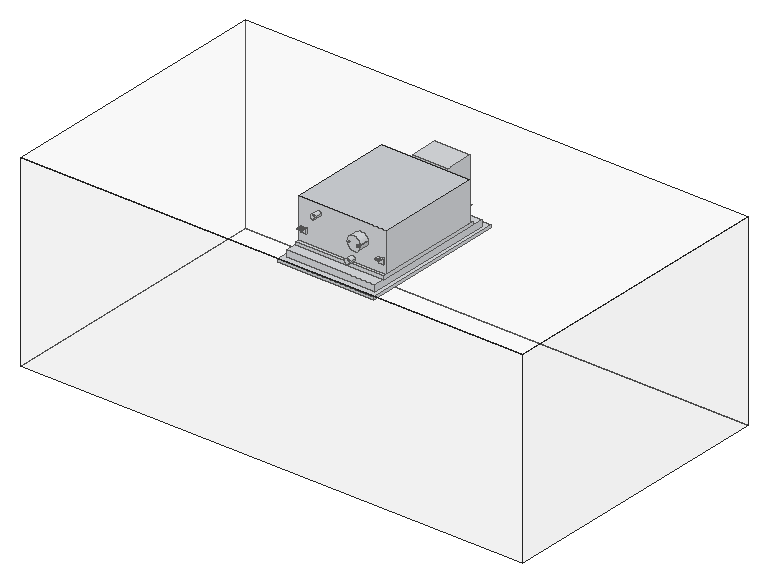
Revit family "plfy-p22_140lmg7_60Hz_pac-kg11of", category 機械設備, Revit 2019
Family settings
  丸型コネクタ寸法 = 直径を使用
  パーツ タイプ = 標準
  OmniClass 番号 = 23.75.10.24.21.27.27
  OmniClass タイトル = Split System Air Conditioning Units
  作業面ベース = いいえ
  常に垂直 = はい
  ロード時にボイドで切り取り = いいえ
  共有 = いいえ
  部屋計算ポイント = はい
Parameters (values of type "PLFY-P22LMG7")
  風量（弱）（m3／min） = 6.5
  風量（中2）（m3／min） = 7.5
  風量（中1）（m3／min） = 8.5
  風量（m3／min） = 9.5
  風量 = MAX風量  # 570.0 m³/h
  音響パワーレベル（弱）(dB) = 49
  音響パワーレベル（中2）(dB) = 51
  音響パワーレベル（中1）(dB) = 52
  音響パワーレベル(dB) = 53
  電源種別 = ""
  電源_H = 0 mm
  電圧_電気ヒーター = 0 V
  電圧 = 200 V
  電動機出力_送風機 = 0.05 kW
  運転質量 = 0.00 kg
  連動 = ""
  質量 = if(製品質量 > 運転質量, 製品質量, 運転質量) * 1.2  # 24.00 kg
  負荷分類 = 3_ファン類
  説明 = "ビル用マルチエアコン 天井カセット形(2方向吹出)室内機"
  設計暖房能力 = 0.00 kW
  設計冷房能力_顕熱 = 0 kW
  設計冷房能力 = 0 kW
  設置方法 = "カセット形"
  記号 = ""
  製造元 = "三菱電機株式会社"
  製品質量 = 20.00 kg
  製品出荷対象 = "国内"
  製品リリース年月 = "2020/7/22"
  製品グループ = ""
  系統 = ""
  符号 = "ACP_CK2"
  積算_科目 = "1 空気調和設備"
  積算_拾い区分 [instance] = ""
  相_電気ヒーター = 1
  相 = 1
  盤記号 = ""
  発停方法 = "付属スイッチ"
  特殊仕様 = ""
  火災停止 = ""
  消費電力_電気ヒーター = 0.00 kW
  消費電力_暖房 = 0.03 kW
  消費電力_加湿器 = 0.00 kW
  消費電力_冷房 = 0.03 kW
  消費電力 = if(消費電力_冷房 > 消費電力_暖房, 消費電力_冷房, 消費電力_暖房) + 消費電力_加湿器 + 消費電力_電気ヒーター  # 0.03 kW
  法定耐用年数 = "15"
  機外静圧 = 0.0 Pa
  極数 = 3
  材質 = ""
  本体マテリアル = none
  有効加湿量 = 0
  暖房能力 = 2.50 kW
  推奨ブレーカー容量 = 15 A
  形式_加湿器 = ""
  形式 = "カセット形（2方向吹出形）"
  幹線記号 = ""
  始動方式 = ""
  外気量 = 0.0 m³/h
  呼称 = "室内機_カセット形(2方向吹出形)"
  周波数 = 60 Hz
  吊り位置Y = 824 mm
  吊り位置X = 574 mm
  吊りボルト_H = 167 mm
  台数_手元リモコン = ""
  台数_冷媒分岐ユニット = ""
  参照している仕様書等のバージョン = "公共建築工事標準仕様書（機械設備工事編）平成31年度版"
  加湿給水管径 = 0 mm
  分類コード = "50053003221020"
  分類グループ = ""
  冷房能力 = 2.2 kW
  冷媒高低圧ガス管径 = 0 mm
  冷媒管径符号 = "Ac"
  冷媒管径 = 100 mm
  冷媒液管高さ = 235 mm
  冷媒液管長さ = 67 mm
  冷媒液管径 = 6.35 mm
  冷媒ガス管高さ = 235 mm
  冷媒ガス管長さ = 78 mm
  冷媒ガス管径 = 12.7 mm
  企業コード = ""
  付属品_フィルター = ""
  付属品 = ""
  仕様書バージョン = "Version1.0"
  モデル = "PLFY-P22LMG7"
  パネルマテリアル = none
  ドレン管高さ = 297 mm
  ドレン管径 = 32 mm
  ダクト径 = 150 mm
  サービススペース = yes
  コメント [instance] = ""
  ケーブル種類 = ""
  ケーブルサイズ = 1.6 mm
  Width = 650 mm
  Version = ""
  Uniclass2015Version = "Systems v1.9"
  Uniclass2015Title = "Split coil remote air cooled condensing units"
  Uniclass2015Code = "Pr_70_65_03_84"
  URL = "https://www.mitsubishielectric.co.jp/ldg/wink/ssl/displayProduct.do?pid=307542"
  SpecificationReference = ""
  SpecificationDescription = ""
  S_H = 364 mm
  Revision = ""
  ProductInformation = ""
  OmniClassCode = "23-751024212727"
  MIN風量 = 風量（弱）（m3／min） * 60.0 m³/h  # 390.0 m³/h
  MID風量2 = 風量（中2）（m3／min） * 60.0 m³/h  # 450.0 m³/h
  MID風量 = 風量（中1）（m3／min） * 60.0 m³/h  # 510.0 m³/h
  MAX風量 = 風量（m3／min） * 60.0 m³/h  # 570.0 m³/h
  IfcTypeProduct = ""
  IfcProduct = ""
  IfcExportType = "AIRCONDITIONINGUNIT"
  IfcExportAs = "IfcUnitaryEquipmentType"
  Height = 290 mm
  Depth = 770 mm
  Clearance Top = 357 mm
  Clearance Right = 1500 mm
  Clearance Left = 1500 mm
  Clearance Front = 500 mm
  Clearance Bottom = 1000 mm
  Clearance Back = 500 mm
  Author = "三菱電機株式会社"
Types (11, lengths in mm): name | 風量（弱）（m3／min） | 風量（中2）（m3／min） | 風量（中1）（m3／min） | 風量（m3／min） | 風量 | 音響パワーレベル（弱）(dB) | 音響パワーレベル（中2）(dB) | 音響パワーレベル（中1）(dB) | 音響パワーレベル(dB) | 電動機出力_送風機 | 質量 | 製品質量 | 消費電力_暖房 | 消費電力_冷房 | 消費電力 | 暖房能力 | 吊り位置Y | 冷房能力 | 冷媒管径符号 | 冷媒液管長さ | 冷媒液管径 | 冷媒ガス管長さ | 冷媒ガス管径 | モデル | ダクト径 | URL | S_H | MIN風量 | MID風量2 | MID風量 | MAX風量 | Height | Depth | Clearance Top
  (no name) | 6.5 | 7.5 | 8.5 | 9.5 | 570.0 m³/h | 49 | 51 | 52 | 53 | 0.05 kW | 24.00 kg | 20.00 kg | 0.03 kW | 0.03 kW | 0.03 kW | 2.50 kW | 824 | 2.2 kW | "Ac" | 67 | 6.35 | 78 | 12.7 | "PLFY-P22LMG7" | 150 | "https://www.mitsubishielectric.co.jp/ldg/wink/ssl/displayProduct.do?pid=307542" | 364 | 390.0 m³/h | 450.0 m³/h | 510.0 m³/h | 570.0 m³/h | 290 | 770 | 357
  PLFY-P22LMG7 | 6.5 | 7.5 | 8.5 | 9.5 | 570.0 m³/h | 49 | 51 | 52 | 53 | 0.05 kW | 24.00 kg | 20.00 kg | 0.03 kW | 0.03 kW | 0.03 kW | 2.50 kW | 824 | 2.2 kW | "Ac" | 67 | 6.35 | 78 | 12.7 | "PLFY-P22LMG7" | 150 | "https://www.mitsubishielectric.co.jp/ldg/wink/ssl/displayProduct.do?pid=307542" | 364 | 390.0 m³/h | 450.0 m³/h | 510.0 m³/h | 570.0 m³/h | 290 | 770 | 357
  PLFY-P28LMG7 | 6.5 | 7.5 | 8.5 | 9.5 | 570.0 m³/h | 49 | 51 | 52 | 53 | 0.05 kW | 24.00 kg | 20.00 kg | 0.03 kW | 0.03 kW | 0.03 kW | 3.20 kW | 824 | 2.8 kW | "Ac" | 67 | 6.4 | 78 | 12.7 | "PLFY-P28LMG7" | 172 | "https://www.mitsubishielectric.co.jp/ldg/wink/ssl/displayProduct.do?pid=307511" | 364 | 390.0 m³/h | 450.0 m³/h | 510.0 m³/h | 570.0 m³/h | 290 | 770 | 357
  PLFY-P36LMG7 | 6.5 | 8 | 9 | 10 | 600.0 m³/h | 50 | 51 | 52 | 53 | 0.05 kW | 25.20 kg | 21.00 kg | 0.03 kW | 0.03 kW | 0.03 kW | 4.00 kW | 824 | 3.6 kW | "Ac" | 67 | 6.4 | 78 | 12.7 | "PLFY-P36LMG7" | 172 | "https://www.mitsubishielectric.co.jp/ldg/wink/ssl/displayProduct.do?pid=307543" | 364 | 390.0 m³/h | 480.0 m³/h | 540.0 m³/h | 600.0 m³/h | 290 | 770 | 357
  PLFY-P45LMG7 | 7 | 8.5 | 9.5 | 10.5 | 630.0 m³/h | 51 | 54 | 55 | 56 | 0.05 kW | 25.20 kg | 21.00 kg | 0.04 kW | 0.04 kW | 0.04 kW | 5.00 kW | 824 | 4.5 kW | "Ac" | 67 | 6.4 | 78 | 12.7 | "PLFY-P45LMG7" | 172 | "https://www.mitsubishielectric.co.jp/ldg/wink/ssl/displayProduct.do?pid=307544" | 364 | 420.0 m³/h | 510.0 m³/h | 570.0 m³/h | 630.0 m³/h | 290 | 770 | 357
  PLFY-P56LMG7 | 9 | 11 | 12 | 13 | 780.0 m³/h | 53 | 55 | 56 | 57 | 0.05 kW | 28.80 kg | 24.00 kg | 0.05 kW | 0.05 kW | 0.05 kW | 6.30 kW | 994 | 5.6 kW | "Ac" | 67 | 6.4 | 78 | 12.7 | "PLFY-P56LMG7" | 172 | "https://www.mitsubishielectric.co.jp/ldg/wink/ssl/displayProduct.do?pid=307512" | 364 | 540.0 m³/h | 660.0 m³/h | 720.0 m³/h | 780.0 m³/h | 290 | 940 | 357
  PLFY-P71LMG7 | 10.5 | 12.5 | 15 | 16.5 | 990.0 m³/h | 55 | 58 | 59 | 60 | 0.05 kW | 31.20 kg | 26.00 kg | 0.07 kW | 0.07 kW | 0.07 kW | 8.00 kW | 994 | 7.1 kW | "Bd" | 67 | 9.5 | 78 | 15.9 | "PLFY-P71LMG7" | 172 | "https://www.mitsubishielectric.co.jp/ldg/wink/ssl/displayProduct.do?pid=307545" | 364 | 630.0 m³/h | 750.0 m³/h | 900.0 m³/h | 990.0 m³/h | 290 | 940 | 357
  PLFY-P80LMG7 | 13.5 | 15 | 16.5 | 19 | 1140.0 m³/h | 56 | 58 | 59 | 60 | 0.10 kW | 49.20 kg | 41.00 kg | 0.06 kW | 0.06 kW | 0.06 kW | 9.00 kW | 1494 | 8 kW | "Bd" | 71 | 9.5 | 83 | 15.9 | "PLFY-P80LMG7" | 172 | "https://www.mitsubishielectric.co.jp/ldg/wink/ssl/displayProduct.do?pid=307546" | 405 | 810.0 m³/h | 900.0 m³/h | 990.0 m³/h | 1140.0 m³/h | 331 | 1440 | 398
  PLFY-P90LMG7 | 15.5 | 18 | 20 | 22.5 | 1350.0 m³/h | 57 | 59 | 60 | 61 | 0.10 kW | 49.20 kg | 41.00 kg | 0.08 kW | 0.08 kW | 0.08 kW | 10.00 kW | 1494 | 9 kW | "Bd" | 71 | 9.5 | 83 | 15.9 | "PLFY-P90LMG7" | 172 | "https://www.mitsubishielectric.co.jp/ldg/wink/ssl/displayProduct.do?pid=307513" | 405 | 930.0 m³/h | 1080.0 m³/h | 1200.0 m³/h | 1350.0 m³/h | 331 | 1440 | 398
  PLFY-P112LMG7 | 18 | 20 | 23.5 | 26 | 1560.0 m³/h | 59 | 61 | 62 | 63 | 0.10 kW | 54.00 kg | 45.00 kg | 0.10 kW | 0.10 kW | 0.10 kW | 12.50 kW | 1494 | 11.2 kW | "Bd" | 71 | 9.5 | 83 | 15.9 | "PLFY-P112LMG7" | 172 | "https://www.mitsubishielectric.co.jp/ldg/wink/ssl/displayProduct.do?pid=307547" | 405 | 1080.0 m³/h | 1200.0 m³/h | 1410.0 m³/h | 1560.0 m³/h | 331 | 1440 | 398
  PLFY-P140LMG7 | 23 | 26.5 | 28.5 | 31.5 | 1890.0 m³/h | 63 | 64 | 67 | 69 | 0.24 kW | 56.40 kg | 47.00 kg | 0.20 kW | 0.20 kW | 0.20 kW | 16.00 kW | 1494 | 14 kW | "Bd" | 71 | 9.5 | 83 | 15.9 | "PLFY-P140LMG7" | 172 | "https://www.mitsubishielectric.co.jp/ldg/wink/ssl/displayProduct.do?pid=307548" | 405 | 1380.0 m³/h | 1590.0 m³/h | 1710.0 m³/h | 1890.0 m³/h | 331 | 1440 | 398
Reference planes
  plane 1 "中心(正面/背面)": y = 0
  plane 2: z = 0
  plane 3 "中心(左/右)": x = 0
  plane 4: x = -355
  plane 5: x = 355
  plane 6: y = 540
  plane 7: y = -540
  plane 8: z = 357
  plane 9: z = 364
  plane 10: x = -287
  plane 11: x = 287
  plane 12: y = 412
  plane 13: y = -412
  plane 14: z = 67
  plane 15: y = 385
  plane 16: y = -385
  plane 17: x = -325
  plane 18: x = 325
  plane 19: x = -1855
  plane 20: x = 1855
  plane 21: y = 1040
  plane 22: y = -1040
  plane 23: z = 357
  plane 24: z = -20
  plane 25: z = -1020
  plane 26 "外気取入ダクトフランジ": z = 138
Dimensions and locks
  equal spacing: plane 4, plane 3 "中心(左/右)", plane 5
  plane 4 to plane 5 = 710 mm
  equal spacing: plane 7, plane 1 "中心(正面/背面)", plane 6
  plane 7 to plane 6 = 1080 mm
  locked: plane 12 to plane 6 at 128
  plane 7 to plane 13 = 128 mm
  plane 4 to plane 10 = 68 mm
  plane 11 to plane 5 = 68 mm
  "S_H": plane 9 to level
  "吊り位置X": plane 10 to plane 11
  equal spacing: plane 10, plane 3 "中心(左/右)", plane 11
  equal spacing: plane 13, plane 1 "中心(正面/背面)", plane 12
  "吊り位置Y": plane 13 to plane 12
  equal spacing: plane 16, plane 1 "中心(正面/背面)", plane 15
  "Depth": plane 16 to plane 15
  equal spacing: plane 17, plane 3 "中心(左/右)", plane 18
  "Width": plane 17 to plane 18
  locked: plane 14 to level at 67
  "Height": plane 8 to plane 14
  "Clearance Left": plane 19 to plane 4
  "Clearance Right": plane 5 to plane 20
  "Clearance Back": plane 6 to plane 21
  "Clearance Front": plane 22 to plane 7
  locked: level to plane 24 at 20
  "Clearance Bottom": plane 24 to plane 25
  "Clearance Top": plane 23 to level
  plane 26 "外気取入ダクトフランジ" to level = 138 mm
  aligned and locked: level to plane 2
  aligned and locked: plane 10 to nested 2
  aligned and locked: plane 11 to nested 2
  aligned and locked: nested 2 to plane 12
  aligned and locked: plane 13 to nested 2
  aligned and locked: plane 1 "中心(正面/背面)" to nested 3
  aligned and locked: nested 3 to plane 3 "中心(左/右)"
  aligned and locked: plane 19 to nested 1
  aligned and locked: plane 20 to nested 1
  aligned and locked: nested 1 to plane 22
  aligned and locked: nested 1 to plane 21
  aligned and locked: plane 23 to nested 1
  aligned and locked: plane 25 to nested 1
  aligned and locked: plane 15 to nested 4
Nested families
  nested 1: "サービススペース" at (0, 0, -331.5), visible <- "サービススペース", type "サービススペース"
    with Width 3710 mm, Height 1377 mm, Depth 2080 mm
  nested 2: "固定点" at (-287, -412, 0), type "固定点"
    with W 574 mm, D 824 mm
  nested 3: "PLFY-P○○○LMG7" at (0, 0, 0) x (0, -1, 0) z (0, 0, 1), type "PLFY-P○○○LMG7"
    with ユニット表示 yes, ドレン配管サイズ 32 mm
  nested 4: "外気取入ダクトフランジ" at (0, 423, 241), type "外気取入ダクトフランジ"
Connectors
  piping at (138, -452, 235), diameter 100, driven by "冷媒管径", driven by "冷媒管径符号"
    settings: on nested 3, index 1, connector inside diameter 609.6 mm, connector length 0 mm, flow factor 0, pipe flow 0.0 L/s, pressure drop 0.0 Pa, fitting loss kfactor 0, connector angle 0.00°, fixture units 0, engagement length 0 mm, angle of deflection 0.00°, flow configuration 0, flow direction 1, fitting loss method 4, system type 7, joint type 0, gender type 0, connector reference index -1, connector utility 0, adjustable connector no, is connector primary yes, connector description "Ac"
  piping at (-175, -442, 297), diameter 32, driven by "ドレン管径"
    settings: on nested 3, index 2, connector inside diameter 609.6 mm, connector length 0 mm, flow factor 0, pipe flow 0.0 L/s, pressure drop 0.0 Pa, fitting loss kfactor 0, connector angle 0.00°, fixture units 0, engagement length 0 mm, angle of deflection 0.00°, flow configuration 0, flow direction 2, fitting loss method 4, system type 16, joint type 0, gender type 0, connector reference index -1, connector utility 0, adjustable connector no, is connector primary no, connector description ""
  electrical at (75, -435, 85), driven by "極数", driven by "負荷分類", driven by "電圧", driven by "消費電力"
    settings: on nested 3, index 3, voltage 200 V, apparent load 30 VA, apparent load phase1 0 VA, apparent load phase2 0 VA, apparent load phase3 0 VA, power factor 1, load classification "3_ファン類", number of poles 3, system type 30, power factor state 1, is connector primary yes, connector utility no, sub classification motor no, connector description ""
  hvac at (0, 526, 344), driven by "ダクト径", driven by "外気量"
    settings: on nested 4, index 4, duct flow 0.0 m³/h, flow factor 0, pres drop 0.0 Pa, loss coef 0, conn angle 0.00°, conn width 304.8 mm, conn height 304.8 mm, conn diameter 150 mm, duct sys type 1, conn prof type 0, flow config 0, flow direction 0, loss method 0, conn ref index -1, conn util no, is conn primary yes, conn desc ""
  hvac at (128, 526, 241), driven by "ダクト径", driven by "外気量"
    settings: on nested 4, index 5, duct flow 0.0 m³/h, flow factor 0, pres drop 0.0 Pa, loss coef 0, conn angle 0.00°, conn width 304.8 mm, conn height 304.8 mm, conn diameter 150 mm, duct sys type 1, conn prof type 0, flow config 0, flow direction 0, loss method 0, conn ref index -1, conn util no, is conn primary no, conn desc ""
  hvac at (0, 629, 241), driven by "ダクト径", driven by "外気量"
    settings: on nested 4, index 6, duct flow 0.0 m³/h, flow factor 0, pres drop 0.0 Pa, loss coef 0, conn angle 0.00°, conn width 304.8 mm, conn height 304.8 mm, conn diameter 150 mm, duct sys type 1, conn prof type 0, flow config 0, flow direction 0, loss method 0, conn ref index -1, conn util no, is conn primary no, conn desc ""
  hvac at (-128, 526, 241), driven by "ダクト径", driven by "外気量"
    settings: on nested 4, index 7, duct flow 0.0 m³/h, flow factor 0, pres drop 0.0 Pa, loss coef 0, conn angle 0.00°, conn width 304.8 mm, conn height 304.8 mm, conn diameter 150 mm, duct sys type 1, conn prof type 0, flow config 0, flow direction 0, loss method 0, conn ref index -1, conn util no, is conn primary no, conn desc ""
Definition of nested family "サービススペース"
  Parameters (values of type "サービススペース")
    Width [instance] = 500 mm
    Height [instance] = 500 mm
    Depth [instance] = 500 mm
  Reference planes
    plane 1 "中心(正面/背面)": y = 0
    plane 2: z = 0
    plane 3 "中心(左/右)": x = 0
    plane 4: y = -250
    plane 5: x = 250
    plane 6: y = 250
    plane 7: x = -250
    plane 8: z = 250
    plane 9: z = -250
  Forms (mm)
    Extrusion 1, solid
      sketch origin (-638.939, 0, 72.39) x (1, 0, 0) y (0, 1, 0)
        loop
          line (388.939, 250) -> (388.939, -250) -> (888.939, -250) -> (888.939, 250) -> (388.939, 250)
      from -322.39 to 177.61
  Lines and regions (mm)
    symbolic lines
      curve 1: line (-250, 0, 250) -> (250, 0, 250)
      curve 2: line (-250, 0, -250) -> (-250, 0, 250)
      curve 3: line (250, 0, -250) -> (-250, 0, -250)
      curve 4: line (250, 0, 250) -> (250, 0, -250)
      curve 5: line (0, -250, 250) -> (0, 250, 250)
      curve 6: line (0, -250, -250) -> (0, -250, 250)
      curve 7: line (0, 250, -250) -> (0, -250, -250)
      curve 8: line (0, 250, 250) -> (0, 250, -250)
      curve 9: line (-250, 250, 0) -> (250, 250, 0)
      curve 10: line (-250, -250, 0) -> (-250, 250, 0)
      curve 11: line (250, -250, 0) -> (-250, -250, 0)
      curve 12: line (250, 250, 0) -> (250, -250, 0)
  Dimensions and locks
    equal spacing: plane 7, plane 3 "中心(左/右)", plane 5
    equal spacing: plane 4, plane 1 "中心(正面/背面)", plane 6
    "Depth": plane 4 to plane 6
    "Width": plane 7 to plane 5
    equal spacing: plane 8, plane 2, plane 9
    "Height": plane 8 to plane 9
    aligned and locked: plane 9 to curve 3
    aligned and locked: plane 7 to curve 2
    aligned and locked: curve 4 to plane 5
    aligned and locked: plane 5 to Extrusion 1
    aligned and locked: Extrusion 1 to plane 7
    aligned and locked: Extrusion 1 to plane 9
    aligned and locked: plane 8 to Extrusion 1
    aligned and locked: plane 9 to curve 7
  Automatic sketch dimensions
    plane 4 to Extrusion 1 sketch curve = 0 mm
    Extrusion 1 sketch curve to plane 7 = 0 mm
    Extrusion 1 sketch curve to plane 5 = 0 mm
    plane 6 to Extrusion 1 sketch curve = 0 mm
    curve 2 to plane 8 = 0 mm
    plane 4 to curve 11 = 0 mm
    curve 11 to plane 7 = 0 mm
    curve 11 to plane 5 = 0 mm
    plane 6 to curve 10 = 0 mm
    curve 7 to plane 4 = 0 mm
    curve 7 to plane 6 = 0 mm
    curve 6 to plane 8 = 0 mm
Definition of nested family "PLFY-P○○○LMG7"
  Parameters (values of type "PLFY-P○○○LMG7")
    配線取出口サイズ = 36 mm
    配線取出口-Z = 85 mm
    配線取出口-Y = 250 mm
    配線取出口-X = 50 mm
    液配管サイズ = 6.35 mm
    A = 幅さ + 310 mm  # 1080 mm
    高さ = 290 mm
    奥行き = 650 mm
    吊りボルト_H = 167 mm
    冷媒配管 = 100 mm
    冷媒液管径-Z = 235 mm
    冷媒液管径-Y = 222 mm
    冷媒液管径-X = 67 mm
    冷媒ガス管径-Z = 235 mm
    冷媒ガス管径-Y = 152 mm
    冷媒ガス管径-X = 78 mm
    ユニット表示 [instance] = yes
    ボルトピッチ = 574 mm
    ドレン配管サイズ = 25 mm
    ドレン管径-Z = 297 mm
    ドレン管径-Y = 500 mm
    ドレン管径-X = 57 mm
    ガス配管サイズ = 12.7 mm
    D = 幅さ + 54 mm  # 824 mm
    幅さ = 770 mm
    B = 幅さ + 270 mm  # 1040 mm
  Reference planes
    plane 1 "中心(正面/背面)": y = 0
    plane 2: z = 0
    plane 3 "中心(左/右)": x = 0
    plane 4: x = -540
    plane 5: x = 540
    plane 6: y = 355
    plane 7: y = -355
    plane 8: z = 357
    plane 9: z = -20
    plane 10: x = -385
    plane 11: x = 385
    plane 12: y = 325
    plane 13: y = -325
    plane 14: z = 45
    plane 15: x = -520
    plane 16: x = 520
    plane 17: x = 412
    plane 18: x = -412
    plane 19: z = 67
    plane 20: x = 490
    plane 21: x = -490
    plane 22: y = 287
    plane 23: y = -287
    plane 24: x = 463
    plane 25: y = 173
    plane 26: z = 235
    plane 27: x = 452
    plane 28: y = 103
    plane 29: x = 442
    plane 30: y = -175
    plane 31: z = 297
    plane 32: z = 364
    plane 33: y = 50
    plane 34: x = 435
    plane 35: y = 75
    plane 36: z = 85
    plane 37: z = 167
    plane 38: z = 165
    plane 39: z = 125
    plane 40: y = 307
    plane 41: y = 267
    plane 42: y = -267
    plane 43: y = -307
    plane 44: y = 292
    plane 45: y = 282
    plane 46: y = -282
    plane 47: y = -292
    plane 48: x = -425
    plane 49: x = 425
    plane 50: x = -387
    plane 51: x = 387
  Forms (mm)
    Extrusion 1, solid, visible <- "ユニット表示", detail levels fine
      sketch origin (0, 0, 0) x (1, 0, 0) y (0, 1, 0)
        loop
          line (-385, 325) -> (-385, -325) -> (385, -325) -> (385, 325) -> (-385, 325)
      from 67 to 357
    Extrusion 2, solid, visible <- "ユニット表示", detail levels fine
      sketch origin (-1437.329, -1524, 45) x (-1, 0, 0) y (0, -1, 0)
        loop
          line (-1025.329, -1849) -> (-1025.329, -1199) -> (-1849.329, -1199) -> (-1849.329, -1849) -> (-1025.329, -1849)
      from 0 to 22
    Extrusion 3, solid, visible <- "ユニット表示", detail levels fine
      sketch origin (-1437.329, -1524, 45) x (-1, 0, 0) y (0, -1, 0)
        loop
          line (-947.329, -1849) -> (-947.329, -1199) -> (-1927.329, -1199) -> (-1927.329, -1849) -> (-947.329, -1849)
      from 0 to -45
    Extrusion 4, solid, visible <- "ユニット表示", detail levels fine
      sketch origin (385, 1296.25, 1200) x (0, 1, 0) y (0, 0, 1)
        loop
          circle (-1123.25, -965) r 6.35
      from 0 to 78
    Extrusion 5, solid, visible <- "ユニット表示", detail levels fine
      sketch origin (385, 1296.25, 1200) x (0, 1, 0) y (0, 0, 1)
        loop
          circle (-1193.25, -965) r 3.175
      from 0 to 67
    Extrusion 6, solid, visible <- "ユニット表示", detail levels fine
      sketch origin (385, 1296.25, 1200) x (0, 1, 0) y (0, 0, 1)
        loop
          circle (-1471.25, -903) r 12.5
      from 0 to 57
    Extrusion 7, solid, visible <- "ユニット表示", detail levels fine
      sketch origin (385, 1296.25, 1200) x (0, 1, 0) y (0, 0, 1)
        loop
          circle (-1221.25, -1115) r 18
      from 0 to 50
    Extrusion 8, solid, visible <- "ユニット表示", detail levels fine
      sketch origin (385, 1296.25, 1200) x (0, 1, 0) y (0, 0, 1)
        loop
          circle (-1158.25, -965) r 50
      from 0 to 67
    Extrusion 9, solid, visible <- "ユニット表示"
      sketch origin (0, 0, 0) x (1, 0, 0) y (0, 1, 0)
        loop
          line (-540, 355) -> (-540, -355) -> (540, -355) -> (540, 355) -> (-540, 355)
      from 0 to -20
    Extrusion 10, solid, visible <- "ユニット表示", detail levels fine
      sketch origin (0, 0, 0) x (1, 0, 0) y (0, 1, 0)
        loop
          line (-407, 292) -> (-407, 282)
          arc (-407, 282) -> (-412, 277) -> (-417, 282) r 5
          line (-417, 282) -> (-425, 282) -> (-425, 267) -> (-385, 267) -> (-385, 307) -> (-425, 307) -> (-425, 292) -> (-417, 292)
          arc (-417, 292) -> (-412, 297) -> (-407, 292) r 5
        loop
          arc (407, 292) -> (412, 297) -> (417, 292) r 5
          line (417, 292) -> (425, 292) -> (425, 307) -> (385, 307) -> (385, 267) -> (425, 267) -> (425, 282) -> (417, 282)
          arc (417, 282) -> (412, 277) -> (407, 282) r 5
          line (407, 282) -> (407, 292)
        loop
          line (407, -292) -> (407, -282)
          arc (407, -282) -> (412, -277) -> (417, -282) r 5
          line (417, -282) -> (425, -282) -> (425, -267) -> (385, -267) -> (385, -307) -> (425, -307) -> (425, -292) -> (417, -292)
          arc (417, -292) -> (412, -297) -> (407, -292) r 5
        loop
          arc (-407, -292) -> (-412, -297) -> (-417, -292) r 5
          line (-417, -292) -> (-425, -292) -> (-425, -307) -> (-385, -307) -> (-385, -267) -> (-425, -267) -> (-425, -282) -> (-417, -282)
          arc (-417, -282) -> (-412, -277) -> (-407, -282) r 5
          line (-407, -282) -> (-407, -292)
      from 165 to 167
    Extrusion 11, solid, visible <- "ユニット表示", detail levels fine
      sketch origin (0, 0, 0) x (1, 0, 0) y (0, 1, 0)
        loop
          line (-387, 307) -> (-387, 267) -> (-385, 267) -> (-385, 307) -> (-387, 307)
        loop
          line (385, 307) -> (385, 267) -> (387, 267) -> (387, 307) -> (385, 307)
        loop
          line (385, -267) -> (385, -307) -> (387, -307) -> (387, -267) -> (385, -267)
        loop
          line (-387, -267) -> (-387, -307) -> (-385, -307) -> (-385, -267) -> (-387, -267)
      from 125 to 165
  Dimensions and locks
    equal spacing: plane 7, plane 1 "中心(正面/背面)", plane 6
    plane 7 to plane 6 = 710 mm
    equal spacing: plane 4, plane 3 "中心(左/右)", plane 5
    "A": plane 4 to plane 5
    locked: level to plane 9 at 20
    equal spacing: plane 13, plane 1 "中心(正面/背面)", plane 12
    "奥行き": plane 13 to plane 12
    equal spacing: plane 10, plane 3 "中心(左/右)", plane 11
    "幅さ": plane 10 to plane 11
    locked: plane 14 to level at 45
    equal spacing: plane 15, plane 3 "中心(左/右)", plane 16
    "B": plane 15 to plane 16
    equal spacing: plane 18, plane 3 "中心(左/右)", plane 17
    "D": plane 18 to plane 17
    locked: plane 19 to plane 14 at 22
    locked: plane 15 to plane 21 at 30
    locked: plane 20 to plane 16 at 30
    equal spacing: plane 23, plane 1 "中心(正面/背面)", plane 22
    "ボルトピッチ": plane 23 to plane 22
    "冷媒ガス管径-X": plane 11 to plane 24
    "冷媒ガス管径-Y": plane 25 to plane 12
    "冷媒液管径-X": plane 11 to plane 27
    "冷媒液管径-Y": plane 28 to plane 12
    "ドレン管径-X": plane 11 to plane 29
    "ドレン管径-Y": plane 30 to plane 12
    plane 32 to plane 8 = 7 mm
    "配線取出口-X": plane 11 to plane 34
    "配線取出口-Y": plane 35 to plane 12
    "配線取出口-Z": plane 36 to level
    "ドレン管径-Z": plane 31 to level
    "冷媒ガス管径-Z": plane 26 to level
    locked: plane 38 to plane 39 at 40
    locked: plane 37 to plane 38 at 2
    "吊りボルト_H": plane 37 to level
    plane 43 to plane 23 to plane 42 = 20 mm locked, 20 mm locked
    plane 41 to plane 22 to plane 40 = 20 mm locked, 20 mm locked
    plane 47 to plane 23 to plane 46 = 5 mm locked, 5 mm locked
    plane 45 to plane 22 to plane 44 = 5 mm locked, 5 mm locked
    locked: plane 48 to plane 10 at 40
    locked: plane 11 to plane 49 at 40
    locked: plane 11 to plane 51 at 2
    locked: plane 50 to plane 10 at 2
    "高さ": plane 8 to plane 19
    "ガス配管サイズ": diameter of Extrusion 4 sketch curve
    "液配管サイズ": diameter of Extrusion 5 sketch curve
    "ドレン配管サイズ": diameter of Extrusion 6 sketch curve
    "配線取出口サイズ": diameter of Extrusion 7 sketch curve
    "冷媒配管": diameter of Extrusion 8 sketch curve
    aligned and locked: level to plane 2
    aligned and locked: plane 12 to Extrusion 1 sketch curve
    aligned and locked: plane 10 to Extrusion 1 sketch curve
    aligned and locked: Extrusion 1 sketch curve to plane 13
    aligned and locked: Extrusion 1 sketch curve to plane 11
    aligned and locked: plane 8 to Extrusion 1
    aligned and locked: plane 12 to Extrusion 2 sketch curve
    aligned and locked: plane 18 to Extrusion 2 sketch curve
    aligned and locked: Extrusion 2 sketch curve to plane 13
    aligned and locked: Extrusion 2 sketch curve to plane 17
    aligned and locked: plane 19 to Extrusion 2
    aligned and locked: Extrusion 1 to Extrusion 2
    aligned and locked: plane 12 to Extrusion 3 sketch curve
    aligned and locked: plane 21 to Extrusion 3 sketch curve
    aligned and locked: Extrusion 3 sketch curve to plane 13
    aligned and locked: Extrusion 3 sketch curve to plane 20
    aligned and locked: Extrusion 3 to level
    aligned and locked: plane 14 to Extrusion 3
    aligned and locked: plane 26 to Extrusion 4 sketch curve
    aligned and locked: plane 25 to Extrusion 4 sketch curve
    aligned and locked: Extrusion 4 to plane 11
    aligned and locked: plane 24 to Extrusion 4
    aligned and locked: plane 26 to Extrusion 5 sketch curve
    aligned and locked: plane 28 to Extrusion 5 sketch curve
    aligned and locked: plane 27 to Extrusion 5
    aligned and locked: Extrusion 5 to plane 11
    aligned and locked: plane 31 to Extrusion 6 sketch curve
    aligned and locked: plane 30 to Extrusion 6 sketch curve
    aligned and locked: Extrusion 6 to plane 11
    aligned and locked: plane 29 to Extrusion 6
    aligned and locked: plane 36 to Extrusion 7 sketch curve
    aligned and locked: plane 35 to Extrusion 7 sketch curve
    aligned and locked: Extrusion 7 to plane 11
    aligned and locked: plane 34 to Extrusion 7
    aligned and locked: plane 26 to Extrusion 8 sketch curve
    aligned and locked: Extrusion 8 to plane 11
    aligned and locked: plane 27 to Extrusion 8
    aligned and locked: level to Extrusion 9
    aligned and locked: Extrusion 9 to plane 9
    aligned and locked: Extrusion 10 sketch curve to plane 10
    aligned and locked: plane 37 to Extrusion 10
    aligned and locked: Extrusion 10 to plane 38
    aligned and locked: plane 40 to Extrusion 10 sketch curve
    aligned and locked: plane 48 to Extrusion 10 sketch curve  (x2)
    aligned and locked: Extrusion 10 sketch curve to plane 41
    aligned and locked: Extrusion 10 sketch curve to plane 45
    aligned and locked: Extrusion 10 sketch curve to plane 44
    aligned and locked: plane 44 to Extrusion 10 sketch curve  (x3)
    aligned and locked: plane 45 to Extrusion 10 sketch curve  (x3)
    aligned and locked: plane 18 to Extrusion 10 sketch curve  (x4)
    aligned and locked: plane 10 to Extrusion 10 sketch curve
    aligned and locked: Extrusion 10 sketch curve to plane 42
    aligned and locked: plane 43 to Extrusion 10 sketch curve
    aligned and locked: plane 47 to Extrusion 10 sketch curve  (x3)
    aligned and locked: plane 46 to Extrusion 10 sketch curve  (x3)
    aligned and locked: Extrusion 10 sketch curve to plane 46
    aligned and locked: Extrusion 10 sketch curve to plane 47
    aligned and locked: Extrusion 10 sketch curve to plane 48  (x2)
    aligned and locked: plane 11 to Extrusion 10 sketch curve
    aligned and locked: Extrusion 10 sketch curve to plane 49  (x2)
    aligned and locked: plane 17 to Extrusion 10 sketch curve  (x4)
    aligned and locked: Extrusion 10 sketch curve to plane 43
    aligned and locked: plane 42 to Extrusion 10 sketch curve
    aligned and locked: plane 49 to Extrusion 10 sketch curve  (x2)
    aligned and locked: plane 41 to Extrusion 10 sketch curve
    aligned and locked: Extrusion 10 sketch curve to plane 11
    aligned and locked: Extrusion 10 sketch curve to plane 40
    aligned and locked: plane 40 to Extrusion 11 sketch curve
    aligned and locked: plane 50 to Extrusion 11 sketch curve  (x2)
    aligned and locked: Extrusion 11 sketch curve to Extrusion 10  (x8)
    aligned and locked: Extrusion 11 sketch curve to plane 41
    aligned and locked: Extrusion 11 sketch curve to plane 51  (x2)
    aligned and locked: Extrusion 11 sketch curve to plane 43
    aligned and locked: plane 42 to Extrusion 11 sketch curve
    aligned and locked: Extrusion 11 to Extrusion 10
    aligned and locked: Extrusion 11 to plane 39
  Automatic sketch dimensions
    Extrusion 9 sketch curve to plane 4 = 0 mm
    Extrusion 9 sketch curve to plane 5 = 0 mm
    plane 7 to Extrusion 9 sketch curve = 0 mm
    plane 6 to Extrusion 9 sketch curve = 0 mm
    Extrusion 10 sketch curve to plane 18 = 5 mm  (x2)
    Extrusion 10 sketch curve to plane 17 = 5 mm  (x2)
    plane 25 to Extrusion 8 sketch curve = 35 mm
Definition of nested family "外気取入ダクトフランジ"
  Reference planes
    plane 1 "中心(正面/背面)": y = 0
    plane 2: z = 0
    plane 3 "中心(左/右)": x = 0
    plane 4: y = -206
    plane 5: z = 103
    plane 6: z = -103
    plane 7: x = 140
    plane 8: x = -140
    plane 9: x = -128
    plane 10: x = 128
    plane 11: y = 38
  Forms (mm)
    Extrusion 1, solid
      sketch origin (0, -103, 0) x (1, 0, 0) y (0, 1, 0)
        loop
          line (-128, 103) -> (-128, -103) -> (128, -103) -> (128, 103) -> (-128, 103)
      from -103 to 103
    Extrusion 2, solid
      sketch origin (0, 0, 0) x (1, 0, 0) y (0, 1, 0)
        loop
          line (-140, 38) -> (-140, -70.759) -> (140, -70.759) -> (140, 38) -> (-140, 38)
      from -170 to -103
  Lines and regions (mm)
    model lines
      curve 1: circle (0, -103, 103) r 75 normal (0, 0, -1)
      curve 2: circle (128, -103, 0) r 75 normal (-1, 0, 0)
      curve 3: circle (-128, -103, 0) r 75 normal (-1, 0, 0)
      curve 4: circle (0, -206, 0) r 75 normal (0, 1, 0)
  Dimensions and locks
    plane 8 to plane 7 = 280 mm
    plane 5 to plane 6 = 206 mm  (x2)
    plane 7 to plane 8 = 280 mm
    plane 10 to plane 9 = 256 mm
    plane 4 to plane 1 "中心(正面/背面)" = 206 mm  (x2)
    plane 4 to plane 11 = 244 mm  (x2)
    plane 9 to plane 10 = 256 mm
    aligned and locked: level to plane 2
Definition of nested family "固定点"
  Parameters (values of type "固定点")
    中心円 = 20 mm
    W [instance] = 1000 mm
    D [instance] = 1000 mm
  Reference planes
    plane 1 "中心(正面/背面)": y = 0
    plane 2: z = 0
    plane 3 "中心(左/右)": x = 0
    plane 4: x = 1000
    plane 5: y = 1000
  Lines and regions (mm)
    symbolic lines, detail levels fine
      curve 1: circle (0, 1000, 0) r 10 normal (0, 0, 1)
      curve 2: circle (0, 0, 0) r 10 normal (0, 0, 1)
      curve 3: circle (1000, 1000, 0) r 10 normal (0, 0, 1)
      curve 4: circle (1000, 0, 0) r 10 normal (0, 0, 1)
      curve 5: line (-200, 1000, 0) -> (1200, 1000, 0)
      curve 6: line (-200, 0, 0) -> (1200, 0, 0)
      curve 7: line (0, 1200, 0) -> (0, -200, 0)
      curve 8: line (1000, 1200, 0) -> (1000, -200, 0)
  Dimensions and locks
    "W": plane 3 "中心(左/右)" to plane 4
    "D": plane 1 "中心(正面/背面)" to plane 5
    "中心円": diameter of curve 1
    "中心円": diameter of curve 2
    "中心円": diameter of curve 3
    "中心円": diameter of curve 4
    aligned and locked: level to plane 2
    aligned and locked: plane 5 to curve 1
    aligned and locked: plane 3 "中心(左/右)" to curve 1
    aligned and locked: plane 3 "中心(左/右)" to curve 2
    aligned and locked: plane 1 "中心(正面/背面)" to curve 2
    aligned and locked: plane 4 to curve 3
    aligned and locked: plane 5 to curve 3
    aligned and locked: plane 1 "中心(正面/背面)" to curve 4
    aligned and locked: plane 4 to curve 4
    aligned and locked: plane 1 "中心(正面/背面)" to curve 6
    aligned and locked: curve 7 to plane 3 "中心(左/右)"
    aligned and locked: curve 8 to plane 4
  Automatic sketch dimensions
    curve 5 to plane 5 = 0 mm
    curve 6 to plane 3 "中心(左/右)" = 200 mm
    curve 5 to plane 3 "中心(左/右)" = 200 mm
    curve 4 to curve 6 = 200 mm
    curve 3 to curve 5 = 200 mm
    plane 1 "中心(正面/背面)" to curve 8 = 200 mm
    plane 1 "中心(正面/背面)" to curve 7 = 200 mm
    curve 3 to curve 8 = 200 mm
    curve 1 to curve 7 = 200 mm
